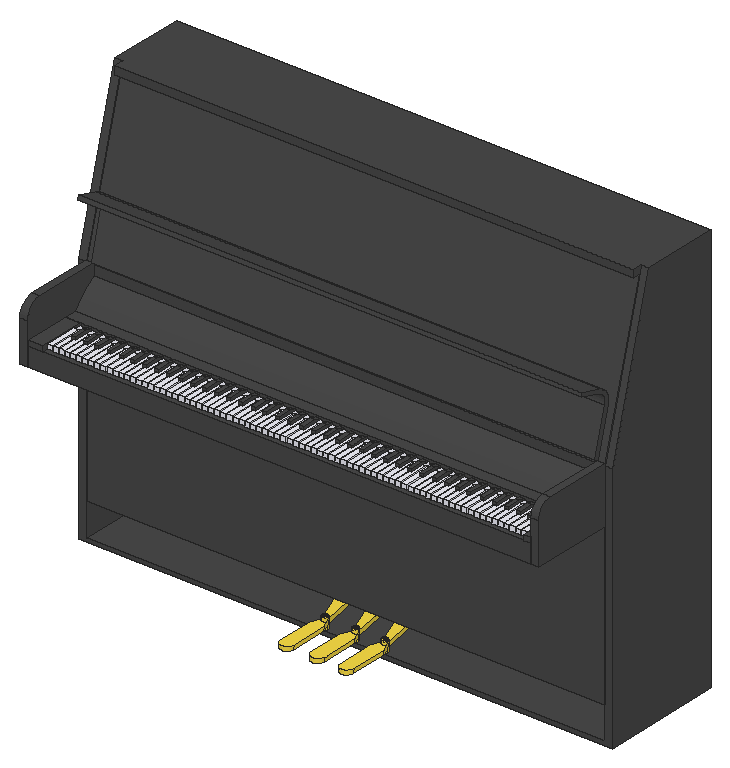
Revit family "1569502350Piano-Upright_SMARTBIM", category Furniture, Revit 2020 (continued)
Automatic sketch dimensions
  Extrusion 14 sketch curve to Extrusion 14 sketch curve = 2.41 cm
  Extrusion 14 sketch curve to Extrusion 14 sketch curve = 0.7022 cm
  Extrusion 15 sketch curve to plane 18 = 0.0 cm
  Extrusion 15 sketch curve to plane 5 = 1.5 cm
  plane 18 to Extrusion 15 sketch curve = 1.2793 cm
  Extrusion 15 sketch curve to Extrusion 15 sketch curve = 8.5219 cm
  Extrusion 15 sketch curve to Extrusion 15 sketch curve = 2.41 cm
  Extrusion 15 sketch curve to Extrusion 15 sketch curve = 0.7022 cm
  Extrusion 16 sketch curve to plane 18 = 0.0 cm
  Extrusion 16 sketch curve to plane 5 = 1.5 cm
  plane 18 to Extrusion 16 sketch curve = 1.2793 cm
  Extrusion 16 sketch curve to Extrusion 16 sketch curve = 8.5219 cm
  Extrusion 16 sketch curve to Extrusion 16 sketch curve = 2.41 cm
  Extrusion 16 sketch curve to Extrusion 16 sketch curve = 0.7022 cm
  Extrusion 17 sketch curve to plane 18 = 0.0 cm
  Extrusion 17 sketch curve to plane 5 = 1.5 cm
  plane 18 to Extrusion 17 sketch curve = 1.2793 cm
  Extrusion 17 sketch curve to Extrusion 17 sketch curve = 8.5219 cm
  Extrusion 17 sketch curve to Extrusion 17 sketch curve = 2.41 cm
  Extrusion 17 sketch curve to Extrusion 17 sketch curve = 0.7022 cm
  Extrusion 18 sketch curve to plane 18 = 0.0 cm
  Extrusion 18 sketch curve to plane 5 = 1.5 cm
  plane 18 to Extrusion 18 sketch curve = 1.2793 cm
  Extrusion 18 sketch curve to Extrusion 18 sketch curve = 8.5219 cm
  Extrusion 18 sketch curve to Extrusion 18 sketch curve = 2.41 cm
  Extrusion 18 sketch curve to Extrusion 18 sketch curve = 0.7022 cm
  Extrusion 19 sketch curve to plane 18 = 0.0 cm
  Extrusion 19 sketch curve to plane 5 = 1.5 cm
  plane 18 to Extrusion 19 sketch curve = 1.2793 cm
  Extrusion 19 sketch curve to Extrusion 19 sketch curve = 8.5219 cm
  Extrusion 19 sketch curve to Extrusion 19 sketch curve = 2.41 cm
  Extrusion 19 sketch curve to Extrusion 19 sketch curve = 0.7022 cm
  Extrusion 20 sketch curve to plane 18 = 0.0 cm
  Extrusion 20 sketch curve to plane 5 = 1.5 cm
  plane 18 to Extrusion 20 sketch curve = 1.2793 cm
  Extrusion 20 sketch curve to Extrusion 20 sketch curve = 8.5219 cm
  Extrusion 20 sketch curve to Extrusion 20 sketch curve = 2.41 cm
  Extrusion 20 sketch curve to Extrusion 20 sketch curve = 0.7022 cm
  Extrusion 21 sketch curve to plane 18 = 0.0 cm
  Extrusion 21 sketch curve to plane 5 = 1.5 cm
  plane 18 to Extrusion 21 sketch curve = 1.2793 cm
  Extrusion 21 sketch curve to Extrusion 21 sketch curve = 8.5219 cm
  Extrusion 21 sketch curve to Extrusion 21 sketch curve = 2.41 cm
  Extrusion 21 sketch curve to Extrusion 21 sketch curve = 0.7022 cm
  Extrusion 22 sketch curve to plane 18 = 0.0 cm
  Extrusion 22 sketch curve to plane 5 = 1.5 cm
  plane 18 to Extrusion 22 sketch curve = 1.2793 cm
  Extrusion 22 sketch curve to Extrusion 22 sketch curve = 8.5219 cm
  Extrusion 22 sketch curve to Extrusion 22 sketch curve = 2.41 cm
  Extrusion 22 sketch curve to Extrusion 22 sketch curve = 0.7022 cm
  Extrusion 23 sketch curve to plane 18 = 0.0 cm
  Extrusion 23 sketch curve to plane 5 = 1.5 cm
  plane 18 to Extrusion 23 sketch curve = 1.2793 cm
  Extrusion 23 sketch curve to Extrusion 23 sketch curve = 8.5219 cm
  Extrusion 23 sketch curve to Extrusion 23 sketch curve = 2.41 cm
  Extrusion 23 sketch curve to Extrusion 23 sketch curve = 0.7022 cm
  Extrusion 24 sketch curve to plane 18 = 0.0 cm
  Extrusion 24 sketch curve to plane 5 = 1.5 cm
  plane 18 to Extrusion 24 sketch curve = 1.2793 cm
  Extrusion 24 sketch curve to Extrusion 24 sketch curve = 8.5219 cm
  Extrusion 24 sketch curve to Extrusion 24 sketch curve = 2.41 cm
  Extrusion 24 sketch curve to Extrusion 24 sketch curve = 0.7022 cm
  Extrusion 25 sketch curve to plane 18 = 0.0 cm
  Extrusion 25 sketch curve to plane 5 = 1.5 cm
  plane 18 to Extrusion 25 sketch curve = 1.2793 cm
  Extrusion 25 sketch curve to Extrusion 25 sketch curve = 8.5219 cm
  Extrusion 25 sketch curve to Extrusion 25 sketch curve = 2.41 cm
  Extrusion 25 sketch curve to Extrusion 25 sketch curve = 0.7022 cm
  Extrusion 26 sketch curve to plane 18 = 0.0 cm
  Extrusion 26 sketch curve to plane 5 = 1.5 cm
  plane 18 to Extrusion 26 sketch curve = 1.2793 cm
  Extrusion 26 sketch curve to Extrusion 26 sketch curve = 8.5219 cm
  Extrusion 26 sketch curve to Extrusion 26 sketch curve = 2.41 cm
  Extrusion 26 sketch curve to Extrusion 26 sketch curve = 0.7022 cm
  Extrusion 27 sketch curve to plane 18 = 0.0 cm
  Extrusion 27 sketch curve to plane 5 = 1.5 cm
  plane 18 to Extrusion 27 sketch curve = 1.2793 cm
  Extrusion 27 sketch curve to Extrusion 27 sketch curve = 8.5219 cm
  Extrusion 27 sketch curve to Extrusion 27 sketch curve = 2.41 cm
  Extrusion 27 sketch curve to Extrusion 27 sketch curve = 0.7022 cm
  Extrusion 28 sketch curve to plane 18 = 0.0 cm
  Extrusion 28 sketch curve to plane 5 = 1.5 cm
  plane 18 to Extrusion 28 sketch curve = 1.2793 cm
  Extrusion 28 sketch curve to Extrusion 28 sketch curve = 8.5219 cm
  Extrusion 28 sketch curve to Extrusion 28 sketch curve = 2.41 cm
  Extrusion 28 sketch curve to Extrusion 28 sketch curve = 0.7022 cm
  Extrusion 29 sketch curve to plane 18 = 0.0 cm
  Extrusion 29 sketch curve to plane 5 = 1.5 cm
  plane 18 to Extrusion 29 sketch curve = 1.2793 cm
  Extrusion 29 sketch curve to Extrusion 29 sketch curve = 8.5219 cm
  Extrusion 29 sketch curve to Extrusion 29 sketch curve = 2.41 cm
  Extrusion 29 sketch curve to Extrusion 29 sketch curve = 0.7022 cm
  Extrusion 30 sketch curve to plane 18 = 0.0 cm
  Extrusion 30 sketch curve to plane 5 = 1.5 cm
  plane 18 to Extrusion 30 sketch curve = 1.2793 cm
  Extrusion 30 sketch curve to Extrusion 30 sketch curve = 8.5219 cm
  Extrusion 30 sketch curve to Extrusion 30 sketch curve = 2.41 cm
  Extrusion 30 sketch curve to Extrusion 30 sketch curve = 0.7022 cm
  Extrusion 31 sketch curve to plane 18 = 0.0 cm
  Extrusion 31 sketch curve to plane 5 = 1.5 cm
  plane 18 to Extrusion 31 sketch curve = 1.2793 cm
  Extrusion 31 sketch curve to Extrusion 31 sketch curve = 8.5219 cm
  Extrusion 31 sketch curve to Extrusion 31 sketch curve = 2.41 cm
  Extrusion 31 sketch curve to Extrusion 31 sketch curve = 0.7022 cm
  Extrusion 32 sketch curve to plane 18 = 0.0 cm
  Extrusion 32 sketch curve to plane 5 = 1.5 cm
  plane 18 to Extrusion 32 sketch curve = 1.2793 cm
  Extrusion 32 sketch curve to Extrusion 32 sketch curve = 8.5219 cm
  Extrusion 32 sketch curve to Extrusion 32 sketch curve = 2.41 cm
  Extrusion 32 sketch curve to Extrusion 32 sketch curve = 0.7022 cm
  Extrusion 33 sketch curve to plane 18 = 0.0 cm
  Extrusion 33 sketch curve to plane 5 = 1.5 cm
  plane 18 to Extrusion 33 sketch curve = 1.2793 cm
  Extrusion 33 sketch curve to Extrusion 33 sketch curve = 8.5219 cm
  Extrusion 33 sketch curve to Extrusion 33 sketch curve = 2.41 cm
  Extrusion 33 sketch curve to Extrusion 33 sketch curve = 0.7022 cm
  Extrusion 34 sketch curve to plane 18 = 0.0 cm
  Extrusion 34 sketch curve to plane 5 = 1.5 cm
  plane 18 to Extrusion 34 sketch curve = 1.2793 cm
  Extrusion 34 sketch curve to Extrusion 34 sketch curve = 8.5219 cm
  Extrusion 34 sketch curve to Extrusion 34 sketch curve = 2.41 cm
  Extrusion 34 sketch curve to Extrusion 34 sketch curve = 0.7022 cm
  Extrusion 35 sketch curve to plane 18 = 0.0 cm
  Extrusion 35 sketch curve to plane 5 = 1.5 cm
  plane 18 to Extrusion 35 sketch curve = 1.2793 cm
  Extrusion 35 sketch curve to Extrusion 35 sketch curve = 8.5219 cm
  Extrusion 35 sketch curve to Extrusion 35 sketch curve = 2.41 cm
  Extrusion 35 sketch curve to Extrusion 35 sketch curve = 0.7022 cm
  Extrusion 36 sketch curve to plane 18 = 0.0 cm
  Extrusion 36 sketch curve to plane 5 = 1.5 cm
  plane 18 to Extrusion 36 sketch curve = 1.2793 cm
  Extrusion 36 sketch curve to Extrusion 36 sketch curve = 8.5219 cm
  Extrusion 36 sketch curve to Extrusion 36 sketch curve = 2.41 cm
  Extrusion 36 sketch curve to Extrusion 36 sketch curve = 0.7022 cm
  Extrusion 37 sketch curve to plane 18 = 0.0 cm
  Extrusion 37 sketch curve to plane 5 = 1.5 cm
  plane 18 to Extrusion 37 sketch curve = 1.2793 cm
  Extrusion 37 sketch curve to Extrusion 37 sketch curve = 8.5219 cm
  Extrusion 37 sketch curve to Extrusion 37 sketch curve = 2.41 cm
  Extrusion 37 sketch curve to Extrusion 37 sketch curve = 0.7022 cm
  Extrusion 38 sketch curve to plane 18 = 0.0 cm
  Extrusion 38 sketch curve to plane 5 = 1.5 cm
  plane 18 to Extrusion 38 sketch curve = 1.2793 cm
  Extrusion 38 sketch curve to Extrusion 38 sketch curve = 8.5219 cm
  Extrusion 38 sketch curve to Extrusion 38 sketch curve = 2.41 cm
  Extrusion 38 sketch curve to Extrusion 38 sketch curve = 0.7022 cm
  Extrusion 39 sketch curve to plane 18 = 0.0 cm
  Extrusion 39 sketch curve to plane 5 = 1.5 cm
  plane 18 to Extrusion 39 sketch curve = 1.2793 cm
  Extrusion 39 sketch curve to Extrusion 39 sketch curve = 8.5219 cm
  Extrusion 39 sketch curve to Extrusion 39 sketch curve = 2.41 cm
  Extrusion 39 sketch curve to Extrusion 39 sketch curve = 0.7022 cm
  Extrusion 40 sketch curve to plane 18 = 0.0 cm
  Extrusion 40 sketch curve to plane 5 = 1.5 cm
  plane 18 to Extrusion 40 sketch curve = 1.2793 cm
  Extrusion 40 sketch curve to Extrusion 40 sketch curve = 8.5219 cm
  Extrusion 40 sketch curve to Extrusion 40 sketch curve = 2.41 cm
  Extrusion 40 sketch curve to Extrusion 40 sketch curve = 0.7022 cm
  Extrusion 41 sketch curve to plane 18 = 0.0 cm
  Extrusion 41 sketch curve to plane 5 = 1.5 cm
  plane 18 to Extrusion 41 sketch curve = 1.2793 cm
  Extrusion 41 sketch curve to Extrusion 41 sketch curve = 8.5219 cm
  Extrusion 41 sketch curve to Extrusion 41 sketch curve = 2.41 cm
  Extrusion 41 sketch curve to Extrusion 41 sketch curve = 0.7022 cm
  Extrusion 42 sketch curve to plane 18 = 0.0 cm
  Extrusion 42 sketch curve to plane 5 = 1.5 cm
  plane 18 to Extrusion 42 sketch curve = 1.2793 cm
  Extrusion 42 sketch curve to Extrusion 42 sketch curve = 8.5219 cm
  Extrusion 42 sketch curve to Extrusion 42 sketch curve = 2.41 cm
  Extrusion 42 sketch curve to Extrusion 42 sketch curve = 0.7022 cm
  Extrusion 43 sketch curve to plane 18 = 0.0 cm
  Extrusion 43 sketch curve to plane 5 = 1.5 cm
  plane 18 to Extrusion 43 sketch curve = 1.2793 cm
  Extrusion 43 sketch curve to Extrusion 43 sketch curve = 8.5219 cm
  Extrusion 43 sketch curve to Extrusion 43 sketch curve = 2.41 cm
  Extrusion 43 sketch curve to Extrusion 43 sketch curve = 0.7022 cm
  Extrusion 44 sketch curve to plane 18 = 0.0 cm
  Extrusion 44 sketch curve to plane 5 = 1.5 cm
  plane 18 to Extrusion 44 sketch curve = 1.2793 cm
  Extrusion 44 sketch curve to Extrusion 44 sketch curve = 8.5219 cm
  Extrusion 44 sketch curve to Extrusion 44 sketch curve = 2.41 cm
  Extrusion 44 sketch curve to Extrusion 44 sketch curve = 0.7022 cm
  Extrusion 45 sketch curve to plane 18 = 0.0 cm
  Extrusion 45 sketch curve to plane 5 = 1.5 cm
  plane 18 to Extrusion 45 sketch curve = 1.2793 cm
  Extrusion 45 sketch curve to Extrusion 45 sketch curve = 8.5219 cm
  Extrusion 45 sketch curve to Extrusion 45 sketch curve = 2.41 cm
  Extrusion 45 sketch curve to Extrusion 45 sketch curve = 0.7022 cm
  Extrusion 46 sketch curve to plane 18 = 0.0 cm
  Extrusion 46 sketch curve to plane 5 = 1.5 cm
  plane 18 to Extrusion 46 sketch curve = 1.2793 cm
  Extrusion 46 sketch curve to Extrusion 46 sketch curve = 8.5219 cm
  Extrusion 46 sketch curve to Extrusion 46 sketch curve = 2.41 cm
  Extrusion 46 sketch curve to Extrusion 46 sketch curve = 0.7022 cm
  Extrusion 47 sketch curve to plane 18 = 0.0 cm
  Extrusion 47 sketch curve to plane 5 = 1.5 cm
  plane 18 to Extrusion 47 sketch curve = 1.2793 cm
  Extrusion 47 sketch curve to Extrusion 47 sketch curve = 8.5219 cm
  Extrusion 47 sketch curve to Extrusion 47 sketch curve = 2.41 cm
  Extrusion 47 sketch curve to Extrusion 47 sketch curve = 0.7022 cm
  Extrusion 48 sketch curve to plane 18 = 0.0 cm
  Extrusion 48 sketch curve to plane 5 = 1.5 cm
  plane 18 to Extrusion 48 sketch curve = 1.2793 cm
  Extrusion 48 sketch curve to Extrusion 48 sketch curve = 8.5219 cm
  Extrusion 48 sketch curve to Extrusion 48 sketch curve = 2.41 cm
  Extrusion 48 sketch curve to Extrusion 48 sketch curve = 0.7022 cm
  Extrusion 49 sketch curve to plane 18 = 0.0 cm
  Extrusion 49 sketch curve to plane 5 = 1.5 cm
  plane 18 to Extrusion 49 sketch curve = 1.2793 cm
  Extrusion 49 sketch curve to Extrusion 49 sketch curve = 8.5219 cm
  Extrusion 49 sketch curve to Extrusion 49 sketch curve = 2.41 cm
  Extrusion 49 sketch curve to Extrusion 49 sketch curve = 0.7022 cm
  Extrusion 50 sketch curve to plane 18 = 0.0 cm
  Extrusion 50 sketch curve to plane 5 = 1.5 cm
  plane 18 to Extrusion 50 sketch curve = 1.2793 cm
  Extrusion 50 sketch curve to Extrusion 50 sketch curve = 8.5219 cm
  Extrusion 50 sketch curve to Extrusion 50 sketch curve = 2.41 cm
  Extrusion 50 sketch curve to Extrusion 50 sketch curve = 0.7022 cm
  Extrusion 51 sketch curve to plane 18 = 0.0 cm
  Extrusion 51 sketch curve to plane 5 = 1.5 cm
  plane 18 to Extrusion 51 sketch curve = 1.2793 cm
  Extrusion 51 sketch curve to Extrusion 51 sketch curve = 8.5219 cm
  Extrusion 51 sketch curve to Extrusion 51 sketch curve = 2.41 cm
  Extrusion 51 sketch curve to Extrusion 51 sketch curve = 0.7022 cm
  Extrusion 52 sketch curve to plane 18 = 0.0 cm
  Extrusion 52 sketch curve to plane 5 = 1.5 cm
  plane 18 to Extrusion 52 sketch curve = 1.2793 cm
  Extrusion 52 sketch curve to Extrusion 52 sketch curve = 8.5219 cm
  Extrusion 52 sketch curve to Extrusion 52 sketch curve = 2.41 cm
  Extrusion 52 sketch curve to Extrusion 52 sketch curve = 0.7022 cm
  Extrusion 53 sketch curve to plane 18 = 0.0 cm
  Extrusion 53 sketch curve to plane 5 = 1.5 cm
  plane 18 to Extrusion 53 sketch curve = 1.2793 cm
  Extrusion 53 sketch curve to Extrusion 53 sketch curve = 8.5219 cm
  Extrusion 53 sketch curve to Extrusion 53 sketch curve = 2.41 cm
  Extrusion 53 sketch curve to Extrusion 53 sketch curve = 0.7022 cm
  Extrusion 54 sketch curve to plane 18 = 0.0 cm
  Extrusion 54 sketch curve to plane 5 = 1.5 cm
  plane 18 to Extrusion 54 sketch curve = 1.2793 cm
  Extrusion 54 sketch curve to Extrusion 54 sketch curve = 8.5219 cm
  Extrusion 54 sketch curve to Extrusion 54 sketch curve = 2.41 cm
  Extrusion 54 sketch curve to Extrusion 54 sketch curve = 0.7022 cm
  Extrusion 55 sketch curve to plane 18 = 0.0 cm
  Extrusion 55 sketch curve to plane 5 = 1.5 cm
  plane 18 to Extrusion 55 sketch curve = 1.2793 cm
  Extrusion 55 sketch curve to Extrusion 55 sketch curve = 8.5219 cm
  Extrusion 55 sketch curve to Extrusion 55 sketch curve = 2.41 cm
  Extrusion 55 sketch curve to Extrusion 55 sketch curve = 0.7022 cm
  Extrusion 56 sketch curve to plane 18 = 0.0 cm
  Extrusion 56 sketch curve to plane 5 = 1.5 cm
  plane 18 to Extrusion 56 sketch curve = 1.2793 cm
  Extrusion 56 sketch curve to Extrusion 56 sketch curve = 8.5219 cm
  Extrusion 56 sketch curve to Extrusion 56 sketch curve = 2.41 cm
  Extrusion 56 sketch curve to Extrusion 56 sketch curve = 0.7022 cm
  Extrusion 57 sketch curve to plane 18 = 0.0 cm
  Extrusion 57 sketch curve to plane 5 = 1.5 cm
  plane 18 to Extrusion 57 sketch curve = 1.2793 cm
  Extrusion 57 sketch curve to Extrusion 57 sketch curve = 8.5219 cm
  Extrusion 57 sketch curve to Extrusion 57 sketch curve = 2.41 cm
  Extrusion 57 sketch curve to Extrusion 57 sketch curve = 0.7022 cm
  Extrusion 58 sketch curve to plane 18 = 0.0 cm
  Extrusion 58 sketch curve to plane 5 = 1.5 cm
  plane 18 to Extrusion 58 sketch curve = 1.2793 cm
  Extrusion 58 sketch curve to Extrusion 58 sketch curve = 8.5219 cm
  Extrusion 58 sketch curve to Extrusion 58 sketch curve = 2.41 cm
  Extrusion 58 sketch curve to Extrusion 58 sketch curve = 0.7022 cm
  Extrusion 59 sketch curve to plane 18 = 0.0 cm
  Extrusion 59 sketch curve to plane 5 = 1.5 cm
  plane 18 to Extrusion 59 sketch curve = 1.2793 cm
  Extrusion 59 sketch curve to Extrusion 59 sketch curve = 8.5219 cm
  Extrusion 59 sketch curve to Extrusion 59 sketch curve = 2.41 cm
  Extrusion 59 sketch curve to Extrusion 59 sketch curve = 0.7022 cm
  Extrusion 60 sketch curve to plane 18 = 0.0 cm
  Extrusion 60 sketch curve to plane 5 = 1.5 cm
  plane 18 to Extrusion 60 sketch curve = 1.2793 cm
  Extrusion 60 sketch curve to Extrusion 60 sketch curve = 8.5219 cm
  Extrusion 60 sketch curve to Extrusion 60 sketch curve = 2.41 cm
  Extrusion 60 sketch curve to Extrusion 60 sketch curve = 0.7022 cm
  Extrusion 61 sketch curve to plane 18 = 0.0 cm
  Extrusion 61 sketch curve to plane 5 = 1.5 cm
  plane 18 to Extrusion 61 sketch curve = 1.2793 cm
  Extrusion 61 sketch curve to Extrusion 61 sketch curve = 8.5219 cm
  Extrusion 61 sketch curve to Extrusion 61 sketch curve = 2.41 cm
  Extrusion 61 sketch curve to Extrusion 61 sketch curve = 0.7022 cm
  Extrusion 62 sketch curve to plane 18 = 0.0 cm
  Extrusion 62 sketch curve to plane 5 = 1.5 cm
  plane 18 to Extrusion 62 sketch curve = 1.2793 cm
  Extrusion 62 sketch curve to Extrusion 62 sketch curve = 8.5219 cm
  Extrusion 62 sketch curve to Extrusion 62 sketch curve = 2.41 cm
  Extrusion 62 sketch curve to Extrusion 62 sketch curve = 0.7022 cm
  Extrusion 63 sketch curve to plane 18 = 0.0 cm
  Extrusion 63 sketch curve to plane 5 = 1.5 cm
  plane 18 to Extrusion 63 sketch curve = 1.2793 cm
  Extrusion 63 sketch curve to Extrusion 63 sketch curve = 8.5219 cm
  Extrusion 63 sketch curve to Extrusion 63 sketch curve = 2.41 cm
  Extrusion 63 sketch curve to Extrusion 63 sketch curve = 0.7022 cm
  Extrusion 64 sketch curve to plane 18 = 0.0 cm
  Extrusion 64 sketch curve to plane 5 = 1.5 cm
  plane 18 to Extrusion 64 sketch curve = 1.2793 cm
  Extrusion 64 sketch curve to Extrusion 64 sketch curve = 8.5219 cm
  Extrusion 64 sketch curve to Extrusion 64 sketch curve = 2.41 cm
  Extrusion 64 sketch curve to Extrusion 64 sketch curve = 0.7022 cm
  Extrusion 65 sketch curve to plane 18 = 0.0 cm
  Extrusion 65 sketch curve to plane 5 = 1.5 cm
  plane 18 to Extrusion 65 sketch curve = 1.2793 cm
  Extrusion 65 sketch curve to Extrusion 65 sketch curve = 8.5219 cm
  Extrusion 65 sketch curve to Extrusion 65 sketch curve = 2.41 cm
  Extrusion 65 sketch curve to Extrusion 65 sketch curve = 0.7022 cm
  Extrusion 66 sketch curve to plane 18 = 0.0 cm
  Extrusion 66 sketch curve to plane 5 = 1.5 cm
  plane 18 to Extrusion 66 sketch curve = 1.2793 cm
  Extrusion 66 sketch curve to Extrusion 66 sketch curve = 8.5219 cm
  Extrusion 66 sketch curve to Extrusion 66 sketch curve = 2.41 cm
  Extrusion 66 sketch curve to Extrusion 66 sketch curve = 0.7022 cm
  Extrusion 67 sketch curve to plane 18 = 0.0 cm
  Extrusion 67 sketch curve to plane 5 = 1.5 cm
  plane 18 to Extrusion 67 sketch curve = 1.2793 cm
  Extrusion 67 sketch curve to Extrusion 67 sketch curve = 8.5219 cm
  Extrusion 67 sketch curve to Extrusion 67 sketch curve = 2.41 cm
  Extrusion 67 sketch curve to Extrusion 67 sketch curve = 0.7022 cm
  Extrusion 68 sketch curve to plane 18 = 0.0 cm
  Extrusion 68 sketch curve to plane 5 = 1.5 cm
  plane 18 to Extrusion 68 sketch curve = 1.2793 cm
  Extrusion 68 sketch curve to Extrusion 68 sketch curve = 8.5219 cm
  Extrusion 68 sketch curve to Extrusion 68 sketch curve = 2.41 cm
  Extrusion 68 sketch curve to Extrusion 68 sketch curve = 0.7022 cm
  Extrusion 69 sketch curve to plane 18 = 0.0 cm
  Extrusion 69 sketch curve to plane 5 = 1.5 cm
  plane 18 to Extrusion 69 sketch curve = 1.2793 cm
  Extrusion 69 sketch curve to Extrusion 69 sketch curve = 8.5219 cm
  Extrusion 69 sketch curve to Extrusion 69 sketch curve = 2.41 cm
  Extrusion 69 sketch curve to Extrusion 69 sketch curve = 0.7022 cm
  Extrusion 70 sketch curve to plane 18 = 0.0 cm
  Extrusion 70 sketch curve to plane 5 = 1.5 cm
  plane 18 to Extrusion 70 sketch curve = 1.2793 cm
  Extrusion 70 sketch curve to Extrusion 70 sketch curve = 8.5219 cm
  Extrusion 70 sketch curve to Extrusion 70 sketch curve = 2.41 cm
  Extrusion 70 sketch curve to Extrusion 70 sketch curve = 0.7022 cm
  Extrusion 71 sketch curve to plane 18 = 0.0 cm
  Extrusion 71 sketch curve to plane 5 = 1.5 cm
  plane 18 to Extrusion 71 sketch curve = 1.2793 cm
  Extrusion 71 sketch curve to Extrusion 71 sketch curve = 8.5219 cm
  Extrusion 71 sketch curve to Extrusion 71 sketch curve = 2.41 cm
  Extrusion 71 sketch curve to Extrusion 71 sketch curve = 0.7022 cm
  Extrusion 72 sketch curve to plane 18 = 0.0 cm
  Extrusion 72 sketch curve to plane 5 = 1.5 cm
  plane 18 to Extrusion 72 sketch curve = 1.2793 cm
  Extrusion 72 sketch curve to Extrusion 72 sketch curve = 8.5219 cm
  Extrusion 72 sketch curve to Extrusion 72 sketch curve = 2.41 cm
  Extrusion 72 sketch curve to Extrusion 72 sketch curve = 0.7022 cm
  Extrusion 73 sketch curve to plane 18 = 0.0 cm
  Extrusion 73 sketch curve to plane 5 = 1.5 cm
  plane 18 to Extrusion 73 sketch curve = 1.2793 cm
  Extrusion 73 sketch curve to Extrusion 73 sketch curve = 8.5219 cm
  Extrusion 73 sketch curve to Extrusion 73 sketch curve = 2.41 cm
  Extrusion 73 sketch curve to Extrusion 73 sketch curve = 0.7022 cm
  Extrusion 74 sketch curve to plane 18 = 0.0 cm
  Extrusion 74 sketch curve to plane 5 = 1.5 cm
  plane 18 to Extrusion 74 sketch curve = 1.2793 cm
  Extrusion 74 sketch curve to Extrusion 74 sketch curve = 8.5219 cm
  Extrusion 74 sketch curve to Extrusion 74 sketch curve = 2.41 cm
  Extrusion 74 sketch curve to Extrusion 74 sketch curve = 0.7022 cm
  Extrusion 75 sketch curve to plane 18 = 0.0 cm
  Extrusion 75 sketch curve to plane 5 = 1.5 cm
  plane 18 to Extrusion 75 sketch curve = 1.2793 cm
  Extrusion 75 sketch curve to Extrusion 75 sketch curve = 8.5219 cm
  Extrusion 75 sketch curve to Extrusion 75 sketch curve = 2.41 cm
  Extrusion 75 sketch curve to Extrusion 75 sketch curve = 0.7022 cm
  Extrusion 76 sketch curve to plane 18 = 0.0 cm
  Extrusion 76 sketch curve to plane 5 = 1.5 cm
  plane 18 to Extrusion 76 sketch curve = 1.2793 cm
  Extrusion 76 sketch curve to Extrusion 76 sketch curve = 8.5219 cm
  Extrusion 76 sketch curve to Extrusion 76 sketch curve = 2.41 cm
  Extrusion 76 sketch curve to Extrusion 76 sketch curve = 0.7022 cm
  Extrusion 77 sketch curve to plane 18 = 0.0 cm
  Extrusion 77 sketch curve to plane 5 = 1.5 cm
  plane 18 to Extrusion 77 sketch curve = 1.2793 cm
  Extrusion 77 sketch curve to Extrusion 77 sketch curve = 8.5219 cm
  Extrusion 77 sketch curve to Extrusion 77 sketch curve = 2.41 cm
  Extrusion 77 sketch curve to Extrusion 77 sketch curve = 0.7022 cm
  Extrusion 78 sketch curve to plane 18 = 0.0 cm
  Extrusion 78 sketch curve to plane 5 = 1.5 cm
  plane 18 to Extrusion 78 sketch curve = 1.2793 cm
  Extrusion 78 sketch curve to Extrusion 78 sketch curve = 8.5219 cm
  Extrusion 78 sketch curve to Extrusion 78 sketch curve = 2.41 cm
  Extrusion 78 sketch curve to Extrusion 78 sketch curve = 0.7022 cm
  Extrusion 79 sketch curve to plane 18 = 0.0 cm
  Extrusion 79 sketch curve to plane 5 = 1.5 cm
  plane 18 to Extrusion 79 sketch curve = 1.2793 cm
  Extrusion 79 sketch curve to Extrusion 79 sketch curve = 8.5219 cm
  Extrusion 79 sketch curve to Extrusion 79 sketch curve = 2.41 cm
  Extrusion 79 sketch curve to Extrusion 79 sketch curve = 0.7022 cm
  Extrusion 80 sketch curve to plane 18 = 0.0 cm
  Extrusion 80 sketch curve to plane 5 = 1.5 cm
  plane 18 to Extrusion 80 sketch curve = 1.2793 cm
  Extrusion 80 sketch curve to Extrusion 80 sketch curve = 8.5219 cm
  Extrusion 80 sketch curve to Extrusion 80 sketch curve = 2.41 cm
  Extrusion 80 sketch curve to Extrusion 80 sketch curve = 0.7022 cm
  Extrusion 81 sketch curve to plane 18 = 0.0 cm
  Extrusion 81 sketch curve to plane 5 = 1.5 cm
  plane 18 to Extrusion 81 sketch curve = 1.2793 cm
  Extrusion 81 sketch curve to Extrusion 81 sketch curve = 8.5219 cm
  Extrusion 81 sketch curve to Extrusion 81 sketch curve = 2.41 cm
  Extrusion 81 sketch curve to Extrusion 81 sketch curve = 0.7022 cm
  Extrusion 82 sketch curve to plane 18 = 0.0 cm
  Extrusion 82 sketch curve to plane 5 = 1.5 cm
  plane 18 to Extrusion 82 sketch curve = 1.2793 cm
  Extrusion 82 sketch curve to Extrusion 82 sketch curve = 8.5219 cm
  Extrusion 82 sketch curve to Extrusion 82 sketch curve = 2.41 cm
  Extrusion 82 sketch curve to Extrusion 82 sketch curve = 0.7022 cm
  Extrusion 83 sketch curve to plane 18 = 0.0 cm
  Extrusion 83 sketch curve to plane 5 = 1.5 cm
  plane 18 to Extrusion 83 sketch curve = 1.2793 cm
  Extrusion 83 sketch curve to Extrusion 83 sketch curve = 8.5219 cm
  Extrusion 83 sketch curve to Extrusion 83 sketch curve = 2.41 cm
  Extrusion 83 sketch curve to Extrusion 83 sketch curve = 0.7022 cm
  Extrusion 84 sketch curve to plane 18 = 0.0 cm
  Extrusion 84 sketch curve to plane 5 = 1.5 cm
  plane 18 to Extrusion 84 sketch curve = 1.2793 cm
  Extrusion 84 sketch curve to Extrusion 84 sketch curve = 8.5219 cm
  Extrusion 84 sketch curve to Extrusion 84 sketch curve = 2.41 cm
  Extrusion 84 sketch curve to Extrusion 84 sketch curve = 0.7022 cm
  Extrusion 85 sketch curve to plane 18 = 0.0 cm
  Extrusion 85 sketch curve to plane 5 = 1.5 cm
  plane 18 to Extrusion 85 sketch curve = 1.2793 cm
  Extrusion 85 sketch curve to Extrusion 85 sketch curve = 8.5219 cm
  Extrusion 85 sketch curve to Extrusion 85 sketch curve = 2.41 cm
  Extrusion 85 sketch curve to Extrusion 85 sketch curve = 0.7022 cm
  Extrusion 86 sketch curve to plane 18 = 0.0 cm
  Extrusion 86 sketch curve to plane 5 = 1.5 cm
  plane 18 to Extrusion 86 sketch curve = 1.2793 cm
  Extrusion 86 sketch curve to Extrusion 86 sketch curve = 8.5219 cm
  Extrusion 86 sketch curve to Extrusion 86 sketch curve = 2.41 cm
  Extrusion 86 sketch curve to Extrusion 86 sketch curve = 0.7022 cm
  Extrusion 87 sketch curve to plane 18 = 0.0 cm
  Extrusion 87 sketch curve to plane 5 = 1.5 cm
  plane 18 to Extrusion 87 sketch curve = 1.2793 cm
  Extrusion 87 sketch curve to Extrusion 87 sketch curve = 8.5219 cm
  Extrusion 87 sketch curve to Extrusion 87 sketch curve = 2.41 cm
  Extrusion 87 sketch curve to Extrusion 87 sketch curve = 0.7022 cm
  Extrusion 88 sketch curve to plane 18 = 0.0 cm
  Extrusion 88 sketch curve to plane 5 = 1.5 cm
  plane 18 to Extrusion 88 sketch curve = 1.2793 cm
  Extrusion 88 sketch curve to Extrusion 88 sketch curve = 8.5219 cm
  Extrusion 88 sketch curve to Extrusion 88 sketch curve = 2.41 cm
  Extrusion 88 sketch curve to Extrusion 88 sketch curve = 0.7022 cm
  Extrusion 89 sketch curve to plane 18 = 0.0 cm
  Extrusion 89 sketch curve to plane 5 = 1.5 cm
  plane 18 to Extrusion 89 sketch curve = 1.2793 cm
  Extrusion 89 sketch curve to Extrusion 89 sketch curve = 8.5219 cm
  Extrusion 89 sketch curve to Extrusion 89 sketch curve = 2.41 cm
  Extrusion 89 sketch curve to Extrusion 89 sketch curve = 0.7022 cm
  Extrusion 90 sketch curve to plane 18 = 0.0 cm
  Extrusion 90 sketch curve to plane 5 = 1.5 cm
  plane 18 to Extrusion 90 sketch curve = 1.2793 cm
  Extrusion 90 sketch curve to Extrusion 90 sketch curve = 8.5219 cm
  Extrusion 90 sketch curve to Extrusion 90 sketch curve = 2.41 cm
  Extrusion 90 sketch curve to Extrusion 90 sketch curve = 0.7022 cm
  Extrusion 91 sketch curve to plane 18 = 0.0 cm
  Extrusion 91 sketch curve to plane 5 = 1.5 cm
  plane 18 to Extrusion 91 sketch curve = 1.2793 cm
  Extrusion 91 sketch curve to Extrusion 91 sketch curve = 8.5219 cm
  Extrusion 91 sketch curve to Extrusion 91 sketch curve = 2.41 cm
  Extrusion 91 sketch curve to Extrusion 91 sketch curve = 0.7022 cm
  Extrusion 92 sketch curve to plane 17 = 0.0 cm
  Extrusion 92 sketch curve to plane 18 = 0.0 cm
  plane 17 to Extrusion 92 sketch curve = 1.9221 cm
  Extrusion 92 sketch curve to Extrusion 92 sketch curve = 1.4043 cm
  plane 18 to Extrusion 93 sketch curve = 1.9707 cm
  Extrusion 93 sketch curve to plane 5 = 6.2948 cm
  Extrusion 93 sketch curve to Extrusion 93 sketch curve = 3.737 cm
  Extrusion 93 sketch curve to Extrusion 93 sketch curve = 1.4826 cm
  Extrusion 93 sketch curve to Extrusion 93 sketch curve = 0.3551 cm
  Extrusion 93 sketch curve to Extrusion 93 sketch curve = 0.3324 cm
  plane 18 to Extrusion 94 sketch curve = 1.9707 cm
  Extrusion 94 sketch curve to plane 5 = 6.2948 cm
  Extrusion 94 sketch curve to Extrusion 94 sketch curve = 3.737 cm
  Extrusion 94 sketch curve to Extrusion 94 sketch curve = 1.4826 cm
  Extrusion 94 sketch curve to Extrusion 94 sketch curve = 0.3551 cm
  Extrusion 94 sketch curve to Extrusion 94 sketch curve = 0.3324 cm
  plane 18 to Extrusion 95 sketch curve = 1.9707 cm
  Extrusion 95 sketch curve to plane 5 = 6.2948 cm
  Extrusion 95 sketch curve to Extrusion 95 sketch curve = 3.737 cm
  Extrusion 95 sketch curve to Extrusion 95 sketch curve = 1.4826 cm
  Extrusion 95 sketch curve to Extrusion 95 sketch curve = 0.3551 cm
  Extrusion 95 sketch curve to Extrusion 95 sketch curve = 0.3324 cm
  plane 18 to Extrusion 96 sketch curve = 1.9707 cm
  Extrusion 96 sketch curve to plane 5 = 6.2948 cm
  Extrusion 96 sketch curve to Extrusion 96 sketch curve = 3.737 cm
  Extrusion 96 sketch curve to Extrusion 96 sketch curve = 1.4826 cm
  Extrusion 96 sketch curve to Extrusion 96 sketch curve = 0.3551 cm
  Extrusion 96 sketch curve to Extrusion 96 sketch curve = 0.3324 cm
  plane 18 to Extrusion 97 sketch curve = 1.9707 cm
  Extrusion 97 sketch curve to plane 5 = 6.2948 cm
  Extrusion 97 sketch curve to Extrusion 97 sketch curve = 3.737 cm
  Extrusion 97 sketch curve to Extrusion 97 sketch curve = 1.4826 cm
  Extrusion 97 sketch curve to Extrusion 97 sketch curve = 0.3551 cm
  Extrusion 97 sketch curve to Extrusion 97 sketch curve = 0.3324 cm
  plane 18 to Extrusion 98 sketch curve = 1.9707 cm
  Extrusion 98 sketch curve to plane 5 = 6.2948 cm
  Extrusion 98 sketch curve to Extrusion 98 sketch curve = 3.737 cm
  Extrusion 98 sketch curve to Extrusion 98 sketch curve = 1.4826 cm
  Extrusion 98 sketch curve to Extrusion 98 sketch curve = 0.3551 cm
  Extrusion 98 sketch curve to Extrusion 98 sketch curve = 0.3324 cm
  plane 18 to Extrusion 99 sketch curve = 1.9707 cm
  Extrusion 99 sketch curve to plane 5 = 6.2948 cm
  Extrusion 99 sketch curve to Extrusion 99 sketch curve = 3.737 cm
  Extrusion 99 sketch curve to Extrusion 99 sketch curve = 1.4826 cm
  Extrusion 99 sketch curve to Extrusion 99 sketch curve = 0.3551 cm
  Extrusion 99 sketch curve to Extrusion 99 sketch curve = 0.3324 cm
  plane 18 to Extrusion 100 sketch curve = 1.9707 cm
  Extrusion 100 sketch curve to plane 5 = 6.2948 cm
  Extrusion 100 sketch curve to Extrusion 100 sketch curve = 3.737 cm
  Extrusion 100 sketch curve to Extrusion 100 sketch curve = 1.4826 cm
  Extrusion 100 sketch curve to Extrusion 100 sketch curve = 0.3551 cm
  Extrusion 100 sketch curve to Extrusion 100 sketch curve = 0.3324 cm
  plane 18 to Extrusion 101 sketch curve = 1.9707 cm
  Extrusion 101 sketch curve to plane 5 = 6.2948 cm
  Extrusion 101 sketch curve to Extrusion 101 sketch curve = 3.737 cm
  Extrusion 101 sketch curve to Extrusion 101 sketch curve = 1.4826 cm
  Extrusion 101 sketch curve to Extrusion 101 sketch curve = 0.3551 cm
  Extrusion 101 sketch curve to Extrusion 101 sketch curve = 0.3324 cm
  plane 18 to Extrusion 102 sketch curve = 1.9707 cm
  Extrusion 102 sketch curve to plane 5 = 6.2948 cm
  Extrusion 102 sketch curve to Extrusion 102 sketch curve = 3.737 cm
  Extrusion 102 sketch curve to Extrusion 102 sketch curve = 1.4826 cm
  Extrusion 102 sketch curve to Extrusion 102 sketch curve = 0.3551 cm
  Extrusion 102 sketch curve to Extrusion 102 sketch curve = 0.3324 cm
  plane 18 to Extrusion 103 sketch curve = 1.9707 cm
  Extrusion 103 sketch curve to plane 5 = 6.2948 cm
  Extrusion 103 sketch curve to Extrusion 103 sketch curve = 3.737 cm
  Extrusion 103 sketch curve to Extrusion 103 sketch curve = 1.4826 cm
  Extrusion 103 sketch curve to Extrusion 103 sketch curve = 0.3551 cm
  Extrusion 103 sketch curve to Extrusion 103 sketch curve = 0.3324 cm
  plane 18 to Extrusion 104 sketch curve = 1.9707 cm
  Extrusion 104 sketch curve to plane 5 = 6.2948 cm
  Extrusion 104 sketch curve to Extrusion 104 sketch curve = 3.737 cm
  Extrusion 104 sketch curve to Extrusion 104 sketch curve = 1.4826 cm
  Extrusion 104 sketch curve to Extrusion 104 sketch curve = 0.3551 cm
  Extrusion 104 sketch curve to Extrusion 104 sketch curve = 0.3324 cm
  plane 18 to Extrusion 105 sketch curve = 1.9707 cm
  Extrusion 105 sketch curve to plane 5 = 6.2948 cm
  Extrusion 105 sketch curve to Extrusion 105 sketch curve = 3.737 cm
  Extrusion 105 sketch curve to Extrusion 105 sketch curve = 1.4826 cm
  Extrusion 105 sketch curve to Extrusion 105 sketch curve = 0.3551 cm
  Extrusion 105 sketch curve to Extrusion 105 sketch curve = 0.3324 cm
  plane 18 to Extrusion 106 sketch curve = 1.9707 cm
  Extrusion 106 sketch curve to plane 5 = 6.2948 cm
  Extrusion 106 sketch curve to Extrusion 106 sketch curve = 3.737 cm
  Extrusion 106 sketch curve to Extrusion 106 sketch curve = 1.4826 cm
  Extrusion 106 sketch curve to Extrusion 106 sketch curve = 0.3551 cm
  Extrusion 106 sketch curve to Extrusion 106 sketch curve = 0.3324 cm
  plane 18 to Extrusion 107 sketch curve = 1.9707 cm
  Extrusion 107 sketch curve to plane 5 = 6.2948 cm
  Extrusion 107 sketch curve to Extrusion 107 sketch curve = 3.737 cm
  Extrusion 107 sketch curve to Extrusion 107 sketch curve = 1.4826 cm
  Extrusion 107 sketch curve to Extrusion 107 sketch curve = 0.3551 cm
  Extrusion 107 sketch curve to Extrusion 107 sketch curve = 0.3324 cm
  plane 18 to Extrusion 108 sketch curve = 1.9707 cm
  Extrusion 108 sketch curve to plane 5 = 6.2948 cm
  Extrusion 108 sketch curve to Extrusion 108 sketch curve = 3.737 cm
  Extrusion 108 sketch curve to Extrusion 108 sketch curve = 1.4826 cm
  Extrusion 108 sketch curve to Extrusion 108 sketch curve = 0.3551 cm
  Extrusion 108 sketch curve to Extrusion 108 sketch curve = 0.3324 cm
  plane 18 to Extrusion 109 sketch curve = 1.9707 cm
  Extrusion 109 sketch curve to plane 5 = 6.2948 cm
  Extrusion 109 sketch curve to Extrusion 109 sketch curve = 3.737 cm
  Extrusion 109 sketch curve to Extrusion 109 sketch curve = 1.4826 cm
  Extrusion 109 sketch curve to Extrusion 109 sketch curve = 0.3551 cm
  Extrusion 109 sketch curve to Extrusion 109 sketch curve = 0.3324 cm
  plane 18 to Extrusion 110 sketch curve = 1.9707 cm
  Extrusion 110 sketch curve to plane 5 = 6.2948 cm
  Extrusion 110 sketch curve to Extrusion 110 sketch curve = 3.737 cm
  Extrusion 110 sketch curve to Extrusion 110 sketch curve = 1.4826 cm
  Extrusion 110 sketch curve to Extrusion 110 sketch curve = 0.3551 cm
  Extrusion 110 sketch curve to Extrusion 110 sketch curve = 0.3324 cm
  plane 18 to Extrusion 111 sketch curve = 1.9707 cm
  Extrusion 111 sketch curve to plane 5 = 6.2948 cm
  Extrusion 111 sketch curve to Extrusion 111 sketch curve = 3.737 cm
  Extrusion 111 sketch curve to Extrusion 111 sketch curve = 1.4826 cm
  Extrusion 111 sketch curve to Extrusion 111 sketch curve = 0.3551 cm
  Extrusion 111 sketch curve to Extrusion 111 sketch curve = 0.3324 cm
  plane 18 to Extrusion 112 sketch curve = 1.9707 cm
  Extrusion 112 sketch curve to plane 5 = 6.2948 cm
  Extrusion 112 sketch curve to Extrusion 112 sketch curve = 3.737 cm
  Extrusion 112 sketch curve to Extrusion 112 sketch curve = 1.4826 cm
  Extrusion 112 sketch curve to Extrusion 112 sketch curve = 0.3551 cm
  Extrusion 112 sketch curve to Extrusion 112 sketch curve = 0.3324 cm
  plane 18 to Extrusion 113 sketch curve = 1.9707 cm
  Extrusion 113 sketch curve to plane 5 = 6.2948 cm
  Extrusion 113 sketch curve to Extrusion 113 sketch curve = 3.737 cm
  Extrusion 113 sketch curve to Extrusion 113 sketch curve = 1.4826 cm
  Extrusion 113 sketch curve to Extrusion 113 sketch curve = 0.3551 cm
  Extrusion 113 sketch curve to Extrusion 113 sketch curve = 0.3324 cm
  plane 18 to Extrusion 114 sketch curve = 1.9707 cm
  Extrusion 114 sketch curve to plane 5 = 6.2948 cm
  Extrusion 114 sketch curve to Extrusion 114 sketch curve = 3.737 cm
  Extrusion 114 sketch curve to Extrusion 114 sketch curve = 1.4826 cm
  Extrusion 114 sketch curve to Extrusion 114 sketch curve = 0.3551 cm
  Extrusion 114 sketch curve to Extrusion 114 sketch curve = 0.3324 cm
  plane 18 to Extrusion 115 sketch curve = 1.9707 cm
  Extrusion 115 sketch curve to plane 5 = 6.2948 cm
  Extrusion 115 sketch curve to Extrusion 115 sketch curve = 3.737 cm
  Extrusion 115 sketch curve to Extrusion 115 sketch curve = 1.4826 cm
  Extrusion 115 sketch curve to Extrusion 115 sketch curve = 0.3551 cm
  Extrusion 115 sketch curve to Extrusion 115 sketch curve = 0.3324 cm
  plane 18 to Extrusion 116 sketch curve = 1.9707 cm
  Extrusion 116 sketch curve to plane 5 = 6.2948 cm
  Extrusion 116 sketch curve to Extrusion 116 sketch curve = 3.737 cm
  Extrusion 116 sketch curve to Extrusion 116 sketch curve = 1.4826 cm
  Extrusion 116 sketch curve to Extrusion 116 sketch curve = 0.3551 cm
  Extrusion 116 sketch curve to Extrusion 116 sketch curve = 0.3324 cm
  plane 18 to Extrusion 117 sketch curve = 1.9707 cm
  Extrusion 117 sketch curve to plane 5 = 6.2948 cm
  Extrusion 117 sketch curve to Extrusion 117 sketch curve = 3.737 cm
  Extrusion 117 sketch curve to Extrusion 117 sketch curve = 1.4826 cm
  Extrusion 117 sketch curve to Extrusion 117 sketch curve = 0.3551 cm
  Extrusion 117 sketch curve to Extrusion 117 sketch curve = 0.3324 cm
  plane 18 to Extrusion 118 sketch curve = 1.9707 cm
  Extrusion 118 sketch curve to plane 5 = 6.2948 cm
  Extrusion 118 sketch curve to Extrusion 118 sketch curve = 3.737 cm
  Extrusion 118 sketch curve to Extrusion 118 sketch curve = 1.4826 cm
  Extrusion 118 sketch curve to Extrusion 118 sketch curve = 0.3551 cm
  Extrusion 118 sketch curve to Extrusion 118 sketch curve = 0.3324 cm
  plane 18 to Extrusion 119 sketch curve = 1.9707 cm
  Extrusion 119 sketch curve to plane 5 = 6.2948 cm
  Extrusion 119 sketch curve to Extrusion 119 sketch curve = 3.737 cm
  Extrusion 119 sketch curve to Extrusion 119 sketch curve = 1.4826 cm
  Extrusion 119 sketch curve to Extrusion 119 sketch curve = 0.3551 cm
  Extrusion 119 sketch curve to Extrusion 119 sketch curve = 0.3324 cm
  plane 18 to Extrusion 120 sketch curve = 1.9707 cm
  Extrusion 120 sketch curve to plane 5 = 6.2948 cm
  Extrusion 120 sketch curve to Extrusion 120 sketch curve = 3.737 cm
  Extrusion 120 sketch curve to Extrusion 120 sketch curve = 1.4826 cm
  Extrusion 120 sketch curve to Extrusion 120 sketch curve = 0.3551 cm
  Extrusion 120 sketch curve to Extrusion 120 sketch curve = 0.3324 cm
  plane 18 to Extrusion 121 sketch curve = 1.9707 cm
  Extrusion 121 sketch curve to plane 5 = 6.2948 cm
  Extrusion 121 sketch curve to Extrusion 121 sketch curve = 3.737 cm
  Extrusion 121 sketch curve to Extrusion 121 sketch curve = 1.4826 cm
  Extrusion 121 sketch curve to Extrusion 121 sketch curve = 0.3551 cm
  Extrusion 121 sketch curve to Extrusion 121 sketch curve = 0.3324 cm
  plane 18 to Extrusion 122 sketch curve = 1.9707 cm
  Extrusion 122 sketch curve to plane 5 = 6.2948 cm
  Extrusion 122 sketch curve to Extrusion 122 sketch curve = 3.737 cm
  Extrusion 122 sketch curve to Extrusion 122 sketch curve = 1.4826 cm
  Extrusion 122 sketch curve to Extrusion 122 sketch curve = 0.3551 cm
  Extrusion 122 sketch curve to Extrusion 122 sketch curve = 0.3324 cm
  plane 18 to Extrusion 123 sketch curve = 1.9707 cm
  Extrusion 123 sketch curve to plane 5 = 6.2948 cm
  Extrusion 123 sketch curve to Extrusion 123 sketch curve = 3.737 cm
  Extrusion 123 sketch curve to Extrusion 123 sketch curve = 1.4826 cm
  Extrusion 123 sketch curve to Extrusion 123 sketch curve = 0.3551 cm
  Extrusion 123 sketch curve to Extrusion 123 sketch curve = 0.3324 cm
  plane 18 to Extrusion 124 sketch curve = 1.9707 cm
  Extrusion 124 sketch curve to plane 5 = 6.2948 cm
  Extrusion 124 sketch curve to Extrusion 124 sketch curve = 3.737 cm
  Extrusion 124 sketch curve to Extrusion 124 sketch curve = 1.4826 cm
  Extrusion 124 sketch curve to Extrusion 124 sketch curve = 0.3551 cm
  Extrusion 124 sketch curve to Extrusion 124 sketch curve = 0.3324 cm
  plane 18 to Extrusion 125 sketch curve = 1.9707 cm
  Extrusion 125 sketch curve to plane 5 = 6.2948 cm
  Extrusion 125 sketch curve to Extrusion 125 sketch curve = 3.737 cm
  Extrusion 125 sketch curve to Extrusion 125 sketch curve = 1.4826 cm
  Extrusion 125 sketch curve to Extrusion 125 sketch curve = 0.3551 cm
  Extrusion 125 sketch curve to Extrusion 125 sketch curve = 0.3324 cm
  plane 18 to Extrusion 126 sketch curve = 1.9707 cm
  Extrusion 126 sketch curve to plane 5 = 6.2948 cm
  Extrusion 126 sketch curve to Extrusion 126 sketch curve = 3.737 cm
  Extrusion 126 sketch curve to Extrusion 126 sketch curve = 1.4826 cm
  Extrusion 126 sketch curve to Extrusion 126 sketch curve = 0.3551 cm
  Extrusion 126 sketch curve to Extrusion 126 sketch curve = 0.3324 cm
  plane 18 to Extrusion 127 sketch curve = 1.9707 cm
  Extrusion 127 sketch curve to plane 5 = 6.2948 cm
  Extrusion 127 sketch curve to Extrusion 127 sketch curve = 3.737 cm
  Extrusion 127 sketch curve to Extrusion 127 sketch curve = 1.4826 cm
  Extrusion 127 sketch curve to Extrusion 127 sketch curve = 0.3551 cm
  Extrusion 127 sketch curve to Extrusion 127 sketch curve = 0.3324 cm
  plane 18 to Extrusion 128 sketch curve = 1.9707 cm
  Extrusion 128 sketch curve to plane 5 = 6.2948 cm
  Extrusion 128 sketch curve to Extrusion 128 sketch curve = 3.737 cm
  Extrusion 128 sketch curve to Extrusion 128 sketch curve = 1.4826 cm
  Extrusion 128 sketch curve to Extrusion 128 sketch curve = 0.3551 cm
  Extrusion 128 sketch curve to Extrusion 128 sketch curve = 0.3324 cm
  plane 18 to Extrusion 129 sketch curve = 1.9707 cm
  Extrusion 129 sketch curve to plane 5 = 6.2948 cm
  Extrusion 129 sketch curve to Extrusion 129 sketch curve = 3.737 cm
  Extrusion 129 sketch curve to Extrusion 129 sketch curve = 1.4826 cm
  Extrusion 129 sketch curve to Extrusion 129 sketch curve = 0.3551 cm
  Extrusion 129 sketch curve to Extrusion 129 sketch curve = 0.3324 cm
  plane 18 to Extrusion 130 sketch curve = 1.9707 cm
  Extrusion 130 sketch curve to plane 5 = 6.2948 cm
  Extrusion 130 sketch curve to Extrusion 130 sketch curve = 3.737 cm
  Extrusion 130 sketch curve to Extrusion 130 sketch curve = 1.4826 cm
  Extrusion 130 sketch curve to Extrusion 130 sketch curve = 0.3551 cm
  Extrusion 130 sketch curve to Extrusion 130 sketch curve = 0.3324 cm
  plane 18 to Extrusion 131 sketch curve = 1.9707 cm
  Extrusion 131 sketch curve to plane 5 = 6.2948 cm
  Extrusion 131 sketch curve to Extrusion 131 sketch curve = 3.737 cm
  Extrusion 131 sketch curve to Extrusion 131 sketch curve = 1.4826 cm
  Extrusion 131 sketch curve to Extrusion 131 sketch curve = 0.3551 cm
  Extrusion 131 sketch curve to Extrusion 131 sketch curve = 0.3324 cm
  Extrusion 132 sketch curve to Extrusion 132 sketch curve = 0.0 cm  (x2)
  Extrusion 132 sketch curve to plane 1 "Center (Front/Back)" = 0.676 cm
  plane 14 to Extrusion 132 sketch curve = 16.6999 cm
  Extrusion 132 sketch curve to Extrusion 132 sketch curve = 1.0 cm
  Extrusion 132 sketch curve to Extrusion 132 sketch curve = 3.0 cm
  Extrusion 132 sketch curve to Extrusion 132 sketch curve = 12.0 cm
  Extrusion 132 sketch curve to Extrusion 132 sketch curve = 6.0 cm
  plane 9 to Extrusion 133 sketch curve = 8.0688 cm
  Extrusion 133 sketch curve to Extrusion 133 sketch curve = 0.9488 cm
  Extrusion 133 sketch curve to Extrusion 133 sketch curve = 1.75 cm
  Extrusion 133 sketch curve to Extrusion 133 sketch curve = 0.8012 cm
  Extrusion 133 sketch curve to plane 5 = 10.522 cm
  Extrusion 133 sketch curve to Extrusion 133 sketch curve = 9.9343 cm
  Extrusion 133 sketch curve to Extrusion 133 sketch curve = 0.0 cm
  Extrusion 133 sketch curve to Extrusion 133 sketch curve = 2.6068 cm
  plane 9 to Extrusion 134 sketch curve = 10.4879 cm
  Extrusion 134 sketch curve to Extrusion 134 sketch curve = 1.6162 cm
  Extrusion 134 sketch curve to plane 5 = 32.49 cm
  Extrusion 134 sketch curve to Extrusion 134 sketch curve = 1.3286 cm
  plane 9 to Extrusion 134 sketch curve = 7.12 cm
  Extrusion 134 sketch curve to Extrusion 134 sketch curve = 0.8145 cm
  Extrusion 134 sketch curve to Extrusion 134 sketch curve = 0.4797 cm
  Extrusion 134 sketch curve to Extrusion 134 sketch curve = 0.5724 cm
  Extrusion 134 sketch curve to Extrusion 134 sketch curve = 7.8086 cm
  Extrusion 134 sketch curve to Extrusion 134 sketch curve = 0.5922 cm
  Revolve 135 sketch curve to Revolve 135 sketch curve = 0.0 cm  (x21)
  Revolve 135 sketch curve to plane 19 = 0.0 cm  (x2)
  plane 9 to Revolve 135 sketch curve = 6.3481 cm
  Revolve 135 sketch curve to Revolve 135 sketch curve = 0.0605 cm
  Revolve 135 sketch curve to Revolve 135 sketch curve = 0.1383 cm
  Revolve 135 sketch curve to Revolve 135 sketch curve = 0.2128 cm
  Revolve 135 sketch curve to Revolve 135 sketch curve = 0.1932 cm
  Revolve 135 sketch curve to Revolve 135 sketch curve = 0.1474 cm
  Revolve 135 sketch curve to Revolve 135 sketch curve = 0.7753 cm
  Revolve 135 sketch curve to Revolve 135 sketch curve = 0.5 cm
  Revolve 135 sketch curve to Revolve 135 sketch curve = 2.0292 cm
  Revolve 135 sketch curve to Revolve 135 sketch curve = 0.296 cm
  Extrusion 136 sketch curve to plane 9 = 0.0293 cm
  Extrusion 136 sketch curve to plane 9 = 0.9781 cm
  Extrusion 136 sketch curve to plane 9 = 1.7793 cm  (x2)
  Extrusion 136 sketch curve to plane 5 = 10.522 cm
  Extrusion 136 sketch curve to Extrusion 136 sketch curve = 9.9343 cm
  Extrusion 136 sketch curve to Extrusion 136 sketch curve = 0.0 cm
  Extrusion 136 sketch curve to Extrusion 136 sketch curve = 2.6068 cm
  plane 9 to Extrusion 137 sketch curve = 2.3899 cm
  Extrusion 137 sketch curve to Extrusion 137 sketch curve = 1.6162 cm
  Extrusion 137 sketch curve to plane 9 = 0.555 cm
  Extrusion 137 sketch curve to plane 9 = 0.9781 cm
  Extrusion 137 sketch curve to plane 9 = 1.7926 cm
  Extrusion 137 sketch curve to plane 9 = 2.2723 cm
  Extrusion 137 sketch curve to plane 5 = 22.9935 cm
  Extrusion 137 sketch curve to Extrusion 137 sketch curve = 0.0697 cm
  Extrusion 137 sketch curve to plane 5 = 31.4639 cm
  Extrusion 137 sketch curve to Extrusion 137 sketch curve = 0.4536 cm
  Revolve 138 sketch curve to Revolve 138 sketch curve = 0.0 cm  (x20)
  Revolve 138 sketch curve to plane 9 = 1.75 cm  (x2)
  Revolve 138 sketch curve to plane 19 = 0.0 cm  (x2)
  Revolve 138 sketch curve to plane 9 = 1.8105 cm
  Revolve 138 sketch curve to plane 9 = 1.8883 cm
  Revolve 138 sketch curve to Revolve 138 sketch curve = 0.2128 cm
  Revolve 138 sketch curve to Revolve 138 sketch curve = 0.1932 cm
  Revolve 138 sketch curve to Revolve 138 sketch curve = 0.1474 cm
  Revolve 138 sketch curve to plane 9 = 2.5253 cm
  Revolve 138 sketch curve to Revolve 138 sketch curve = 0.5 cm
  Revolve 138 sketch curve to Revolve 138 sketch curve = 2.0292 cm
  Revolve 138 sketch curve to Revolve 138 sketch curve = 0.296 cm
  Extrusion 139 sketch curve to plane 9 = 7.7793 cm
  Extrusion 139 sketch curve to Extrusion 139 sketch curve = 0.9488 cm
  Extrusion 139 sketch curve to Extrusion 139 sketch curve = 1.75 cm
  Extrusion 139 sketch curve to Extrusion 139 sketch curve = 0.8012 cm
  Extrusion 139 sketch curve to plane 5 = 10.522 cm
  Extrusion 139 sketch curve to Extrusion 139 sketch curve = 9.9343 cm
  Extrusion 139 sketch curve to Extrusion 139 sketch curve = 0.0 cm
  Extrusion 139 sketch curve to Extrusion 139 sketch curve = 2.6068 cm
  Extrusion 140 sketch curve to plane 9 = 5.3601 cm
  Extrusion 140 sketch curve to Extrusion 140 sketch curve = 1.6162 cm
  Extrusion 140 sketch curve to plane 5 = 32.49 cm
  Extrusion 140 sketch curve to Extrusion 140 sketch curve = 1.3286 cm
  Extrusion 140 sketch curve to Extrusion 140 sketch curve = 1.7517 cm
  Extrusion 140 sketch curve to Extrusion 140 sketch curve = 0.8145 cm
  Extrusion 140 sketch curve to Extrusion 140 sketch curve = 0.4797 cm
  Extrusion 140 sketch curve to Extrusion 140 sketch curve = 0.5724 cm
  Extrusion 140 sketch curve to Extrusion 140 sketch curve = 7.8086 cm
  Extrusion 140 sketch curve to Extrusion 140 sketch curve = 0.5922 cm
  Revolve 141 sketch curve to Revolve 141 sketch curve = 0.0 cm  (x21)
  Revolve 141 sketch curve to plane 19 = 0.0 cm  (x2)
  Revolve 141 sketch curve to plane 9 = 9.5 cm
  Revolve 141 sketch curve to Revolve 141 sketch curve = 0.0605 cm
  Revolve 141 sketch curve to Revolve 141 sketch curve = 0.1383 cm
  Revolve 141 sketch curve to Revolve 141 sketch curve = 0.2128 cm
  Revolve 141 sketch curve to Revolve 141 sketch curve = 0.1932 cm
  Revolve 141 sketch curve to Revolve 141 sketch curve = 0.1474 cm
  Revolve 141 sketch curve to Revolve 141 sketch curve = 0.7753 cm
  Revolve 141 sketch curve to Revolve 141 sketch curve = 0.5 cm
  Revolve 141 sketch curve to Revolve 141 sketch curve = 2.0292 cm
  Revolve 141 sketch curve to Revolve 141 sketch curve = 0.296 cm
